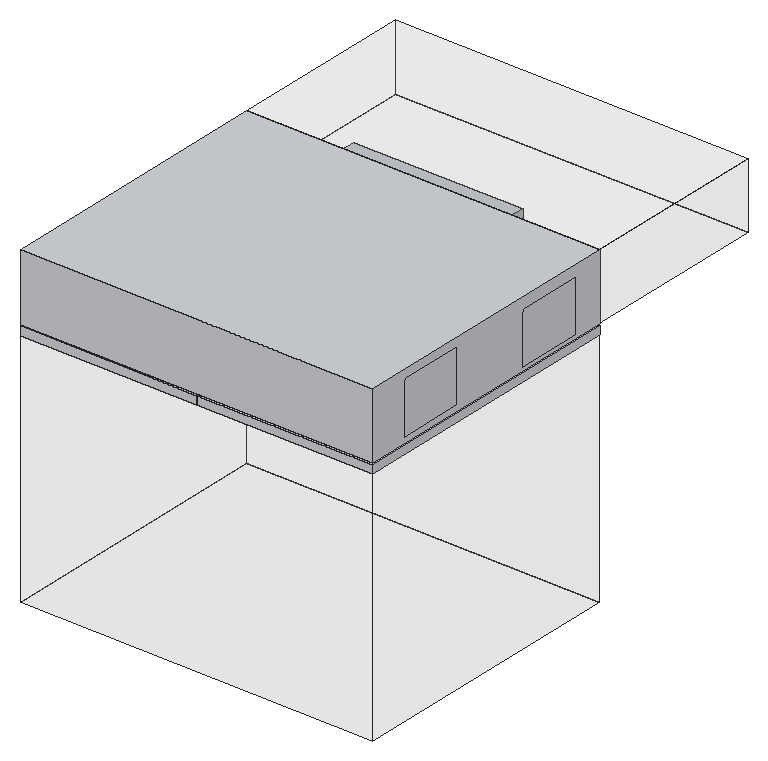
Revit family "AHU 3 _6", category Mechanické zařízení, Revit 2018
Family settings
  Kóta kulaté spojky = Použít průměr
  Typ dílu = Normální
  Číslo OmniClass = 23.75.00.00
  Nadpis OmniClass = Climate Control (HVAC)
  Založené na pracovní rovině = Ne
  Vždy vertikální = Ano
  Ořezat dutým tvarem při načtení = Ne
  Sdílené = Ne
  Bod výpočtu místnosti = Ne
Parameters (values of type "DUPLEXVENT Flexi (3G) DV650 (RD5)")
  Width [instance] = 1.1 mm
  Weight [instance] = 115.00 kg
  URL = ""
  Type [instance] = "DUPLEXVENT Flexi (3G) DV650 (RD5)"
  Total_SFP [instance] = 0
  Supply_outlet_hum [instance] = 27.8
  Supply_inlet_hum [instance] = 90
  Supply_ext_pressure [instance] = 100.0 Pa
  Supply_SFP [instance] = 0
  Source_adu_file [instance] = "C:\\\\Users\\\\dgavril\\\\OneDrive - Airflow Developments Ltd\\\\Desktop\\\\adu durley chine V4.adu"
  Recuperation_type [instance] = "Plate heat recovery exchanger"
  Recuperation_efficiency_EN308 [instance] = 75.8
  Project_name [instance] = "Durley Chine Passivhaus"
  Project_date [instance] = "13-08-2021"
  Power_supply_fusing [instance] = "0"
  Power_supply_cable [instance] = "0"
  Position [instance] = "AHU 3 "
  Phases_count [instance] = 1
  Panel_thickness [instance] = 0.06 mm
  Outer_surface [instance] = "RAL 9002"
  Length [instance] = 1.37 mm
  Insulation_type [instance] = "PUR"
  Insulation_thickness [instance] = 0.05 mm
  Installation_environment [instance] = ""
  Input_power_max [instance] = 340 W
  Inner_surface [instance] = "Pozink"
  I2 [instance] = I1  # 0.0 L/s
  Height [instance] = 0.298 mm
  Exhaust_outlet_hum [instance] = 97.1
  Exhaust_inlet_hum [instance] = 40
  Exhaust_ext_pressure [instance] = 100.0 Pa
  Exhaust_SFP [instance] = 0
  E1 [instance] = E2 - M1  # 0.0 L/s
  E2 [instance] = 0.0 L/s
  I1 [instance] = 0.0 L/s
  Description = ""
  M1 [instance] = 0.0 L/s
  Device_dutypoint_version [instance] = "3"
  Device_design_version [instance] = "14"
  Device_adu_id [instance] = "6"
  Current_max [instance] = 2.8 A
  Casing_mat [instance] = "painted zinc layer"
  Cable type [instance] = "CYKY 5Jx2,5"
Reference planes
  plane 1 "Střed (vpředu/vzadu)": y = 0
  plane 2 "ref": z = 0
  plane 3 "Střed (vlevo/vpravo)": x = 0
Forms (mm)
  Sweep 1, solid
    path origin (0, 0, -260) x (0, 0, 1) y (1, 0, 0)
      loop
        line (0, 0) -> (260, 0)
    profile origin (0, 0, -260) x (1, 0, 0) y (0, 1, 0)
      loop
        line (0, 0) -> (1370, 0) -> (1370, 1100) -> (0, 1100) -> (0, 0)
  Sweep 2, solid
    path origin (1369, 277, -135) x (1, 0, 0) y (0, 1, 0)
      loop
        line (0, 0) -> (1, 0)
    profile origin (1369, 277, -135) x (0, 1, 0) y (0, 0, 1)
      loop
        line (125, 100) -> (-125, 100) -> (-125, -100) -> (125, -100) -> (125, 100)
  Sweep 3, solid
    path origin (1, 853, -145) x (0, 1, 0) y (-1, 0, 0)
      loop
        line (0, 0) -> (0, 1)
    profile origin (1, 853, -145) x (0, -1, 0) y (0, 0, 1)
      loop
        line (-125, 100) -> (-125, -100) -> (125, -100) -> (125, 100) -> (-125, 100)
  Sweep 4, solid
    path origin (1, 277, -135) x (0, 1, 0) y (-1, 0, 0)
      loop
        line (0, 0) -> (0, 1)
    profile origin (1, 277, -135) x (0, -1, 0) y (0, 0, 1)
      loop
        line (-125, 100) -> (-125, -100) -> (125, -100) -> (125, 100) -> (-125, 100)
  Sweep 5, solid
    path origin (1369, 853, -145) x (1, 0, 0) y (0, 1, 0)
      loop
        line (0, 0) -> (1, 0)
    profile origin (1369, 853, -145) x (0, 1, 0) y (0, 0, 1)
      loop
        line (125, 100) -> (-125, 100) -> (-125, -100) -> (125, -100) -> (125, 100)
  Sweep 6, solid
    path origin (1305, 1100, -280) x (0, 1, 0) y (-1, 0, 0)
      loop
        line (0, 0) -> (30, 0)
    profile origin (1305, 1100, -280) x (-1, 0, 0) y (0, 0, 1)
      loop
        circle (0, 0) r 16
  Sweep 7, solid, material "Servisní prostor"
    path origin (0, 0, -1228) x (0, 0, 1) y (1, 0, 0)
      loop
        line (0, 0) -> (930, 0)
    profile origin (0, 0, -1228) x (1, 0, 0) y (0, 1, 0)
      loop
        line (0, 0) -> (1370, 0) -> (1370, 1100) -> (0, 1100) -> (0, 0)
  Sweep 8, solid, material "Servisní prostor"
    path origin (0, 0, -260) x (0, 0, 1) y (1, 0, 0)
      loop
        line (0, 0) -> (260, 0)
    profile origin (0, 0, -260) x (1, 0, 0) y (0, 1, 0)
      loop
        line (0, 1820) -> (0, 1100) -> (1370, 1100) -> (1370, 1820) -> (0, 1820)
  Sweep 9, solid
    path origin (0, 0, -298) x (0, 0, 1) y (1, 0, 0)
      loop
        line (0, 0) -> (33, 0)
    profile origin (0, 0, -298) x (1, 0, 0) y (0, 1, 0)
      loop
        line (0, 1100) -> (0, 0) -> (685, 0) -> (685, 1100) -> (0, 1100)
  Sweep 10, solid
    path origin (0, 0, -298) x (0, 0, 1) y (1, 0, 0)
      loop
        line (0, 0) -> (33, 0)
    profile origin (0, 0, -298) x (1, 0, 0) y (0, 1, 0)
      loop
        line (685, 1100) -> (685, 0) -> (1370, 0) -> (1370, 1100) -> (685, 1100)
  Sweep 11, solid
    path origin (0, 0, -243) x (0, 0, 1) y (1, 0, 0)
      loop
        line (0, 0) -> (190, 0)
    profile origin (0, 0, -243) x (1, 0, 0) y (0, 1, 0)
      loop
        line (315, 1100) -> (970, 1100) -> (970, 1225) -> (315, 1225) -> (315, 1100)
  Sweep 12, solid
    path origin (315, 1163, -148) x (0, 0, -1) y (1, 0, 0)
      loop
        line (0, 0) -> (0, -1)
    profile origin (315, 1163, -148) x (0, 0, -1) y (0, -1, 0)
      loop
        circle (0, 0) r 10
Lines and regions (mm)
  model lines, style "Symbol"
    curve 1: line (620, 0, 0) -> (620, 220, 0)
    curve 2: line (620, 1100, 0) -> (620, 880, 0)
    curve 3: line (0, 550, 0) -> (290, 550, 0)
    curve 4: line (1370, 550, 0) -> (950, 550, 0)
    curve 5: line (290, 550, 0) -> (455, 880, 0)
    curve 6: line (455, 880, 0) -> (785, 880, 0)
    curve 7: line (785, 880, 0) -> (950, 550, 0)
    curve 8: line (950, 550, 0) -> (785, 220, 0)
    curve 9: line (785, 220, 0) -> (620, 220, 0)
    curve 10: line (620, 220, 0) -> (455, 220, 0)
    curve 11: line (455, 220, 0) -> (290, 550, 0)
    curve 12: line (242, 747, 0) -> (66, 777, 0)
    curve 13: line (242, 903, 0) -> (66, 873, 0)
    curve 14: line (1128, 903, 0) -> (1304, 873, 0)
    curve 15: line (1128, 747, 0) -> (1304, 777, 0)
    curve 16: line (1247, 440, 0) -> (1247, 110, 0)
    curve 17: line (1247, 110, 0) -> (1165, 110, 0)
    curve 18: line (1165, 110, 0) -> (1165, 440, 0)
    curve 19: line (1165, 440, 0) -> (1247, 440, 0)
    curve 20: line (1206, 440, 0) -> (1165, 275, 0)
    curve 21: line (1206, 110, 0) -> (1165, 275, 0)
    curve 22: line (123, 110, 0) -> (123, 440, 0)
    curve 23: line (123, 440, 0) -> (205, 440, 0)
    curve 24: line (205, 440, 0) -> (205, 110, 0)
    curve 25: line (205, 110, 0) -> (123, 110, 0)
    curve 26: line (164, 110, 0) -> (205, 275, 0)
    curve 27: line (164, 440, 0) -> (205, 275, 0)
    curve 28: line (796, 217, 0) -> (945, 512, 0)
    curve 29: line (945, 512, 0) -> (994, 487, 0)
    curve 30: line (994, 487, 0) -> (845, 192, 0)
    curve 31: line (845, 192, 0) -> (796, 217, 0)
    curve 32: line (895, 401, 0) -> (955, 420, 0)
    curve 33: line (835, 284, 0) -> (895, 303, 0)
    curve 34: line (0, 1100, -298) -> (685, 1100, -298)
    curve 35: line (0, 0, -298) -> (685, 0, -298)
    curve 36: line (0, 1100, -298) -> (0, 0, -298)
    curve 37: line (685, 1100, -298) -> (685, 0, -298)
    curve 38: line (0, 1100, -298) -> (0, 1100, -265)
    curve 39: line (685, 1100, -298) -> (685, 1100, -265)
    curve 40: line (0, 0, -298) -> (0, 0, -265)
    curve 41: line (685, 0, -298) -> (685, 0, -265)
    curve 42: line (685, 1100, -298) -> (1370, 1100, -298)
    curve 43: line (685, 0, -298) -> (1370, 0, -298)
    curve 44: line (685, 1100, -298) -> (685, 0, -298)
    curve 45: line (1370, 1100, -298) -> (1370, 0, -298)
    curve 46: line (685, 1100, -298) -> (685, 1100, -265)
    curve 47: line (1370, 1100, -298) -> (1370, 1100, -265)
    curve 48: line (685, 0, -298) -> (685, 0, -265)
    curve 49: line (1370, 0, -298) -> (1370, 0, -265)
    curve 50: line (3, 1100, 0) -> (3, 1155, 0)
    curve 51: line (3, 1155, 0) -> (52, 1155, 0)
    curve 52: line (52, 1155, 0) -> (52, 1100, 0)
    curve 53: line (52, 1100, 0) -> (3, 1100, 0)
    curve 54: line (52, 1100, -150) -> (52, 1100, 0)
    curve 55: line (52, 1100, 0) -> (52, 1155, 0)
    curve 56: line (52, 1155, 0) -> (52, 1155, -150)
    curve 57: line (52, 1155, -150) -> (52, 1100, -150)
    curve 58: line (40, 1100, -150) -> (3, 1100, 0)
    curve 59: line (3, 1100, 0) -> (52, 1100, 0)
    curve 60: line (52, 1100, 0) -> (52, 1100, -150)
    curve 61: line (52, 1100, -150) -> (40, 1100, -150)
    curve 62: line (40, 1155, -150) -> (3, 1155, 0)
    curve 63: line (3, 1155, 0) -> (52, 1155, 0)
    curve 64: line (52, 1155, 0) -> (52, 1155, -150)
    curve 65: line (52, 1155, -150) -> (40, 1155, -150)
    curve 66: line (3, -55, 0) -> (3, 0, 0)
    curve 67: line (3, 0, 0) -> (52, 0, 0)
    curve 68: line (52, 0, 0) -> (52, -55, 0)
    curve 69: line (52, -55, 0) -> (3, -55, 0)
    curve 70: line (52, -55, -150) -> (52, -55, 0)
    curve 71: line (52, -55, 0) -> (52, 0, 0)
    curve 72: line (52, 0, 0) -> (52, 0, -150)
    curve 73: line (52, 0, -150) -> (52, -55, -150)
    curve 74: line (40, -55, -150) -> (3, -55, 0)
    curve 75: line (3, -55, 0) -> (52, -55, 0)
    curve 76: line (52, -55, 0) -> (52, -55, -150)
    curve 77: line (52, -55, -150) -> (40, -55, -150)
    curve 78: line (40, 0, -150) -> (3, 0, 0)
    curve 79: line (3, 0, 0) -> (52, 0, 0)
    curve 80: line (52, 0, 0) -> (52, 0, -150)
    curve 81: line (52, 0, -150) -> (40, 0, -150)
    curve 82: line (1367, 0, 0) -> (1367, -55, 0)
    curve 83: line (1367, -55, 0) -> (1317, -55, 0)
    curve 84: line (1317, -55, 0) -> (1317, 0, 0)
    curve 85: line (1317, 0, 0) -> (1367, 0, 0)
    curve 86: line (1317, 0, -150) -> (1317, 0, 0)
    curve 87: line (1317, 0, 0) -> (1317, -55, 0)
    curve 88: line (1317, -55, 0) -> (1317, -55, -150)
    curve 89: line (1317, -55, -150) -> (1317, 0, -150)
    curve 90: line (1330, 0, -150) -> (1367, 0, 0)
    curve 91: line (1367, 0, 0) -> (1317, 0, 0)
    curve 92: line (1317, 0, 0) -> (1317, 0, -150)
    curve 93: line (1317, 0, -150) -> (1330, 0, -150)
    curve 94: line (1330, -55, -150) -> (1367, -55, 0)
    curve 95: line (1367, -55, 0) -> (1317, -55, 0)
    curve 96: line (1317, -55, 0) -> (1317, -55, -150)
    curve 97: line (1317, -55, -150) -> (1330, -55, -150)
    curve 98: line (1367, 1155, 0) -> (1367, 1100, 0)
    curve 99: line (1367, 1100, 0) -> (1317, 1100, 0)
    curve 100: line (1317, 1100, 0) -> (1317, 1155, 0)
    curve 101: line (1317, 1155, 0) -> (1367, 1155, 0)
    curve 102: line (1317, 1155, -150) -> (1317, 1155, 0)
    curve 103: line (1317, 1155, 0) -> (1317, 1100, 0)
    curve 104: line (1317, 1100, 0) -> (1317, 1100, -150)
    curve 105: line (1317, 1100, -150) -> (1317, 1155, -150)
    curve 106: line (1330, 1155, -150) -> (1367, 1155, 0)
    curve 107: line (1367, 1155, 0) -> (1317, 1155, 0)
    curve 108: line (1317, 1155, 0) -> (1317, 1155, -150)
    curve 109: line (1317, 1155, -150) -> (1330, 1155, -150)
    curve 110: line (1330, 1100, -150) -> (1367, 1100, 0)
    curve 111: line (1367, 1100, 0) -> (1317, 1100, 0)
    curve 112: line (1317, 1100, 0) -> (1317, 1100, -150)
    curve 113: line (1317, 1100, -150) -> (1330, 1100, -150)
    curve 114: circle (165, 825, 0) r 110 normal (0, 0, 1)
    curve 115: circle (1205, 825, 0) r 110 normal (0, 0, 1)
    curve 116: circle (925, 411, 0) r 8 normal (0, 0, 1)
    curve 117: circle (865, 293, 0) r 8 normal (0, 0, 1)
    curve 118: circle (28, 1127, 0) r 5 normal (0, 0, 1)
    curve 119: circle (28, -28, 0) r 5 normal (0, 0, 1)
    curve 120: circle (1343, -28, 0) r 5 normal (0, 0, 1)
    curve 121: circle (1343, 1127, 0) r 5 normal (0, 0, 1)
Dimensions and locks
  aligned and locked: level to plane 2 "ref"
Connectors
  hvac at (1370, 277, -135), driven by "E1"
    settings: on Sweep 2, index 1, duct flow 0.0 L/s, flow factor 0, pres drop 0.0 Pa, loss coef 0, conn angle 0.00°, conn width 250 mm, conn height 200 mm, conn diameter 609.6 mm, duct sys type 1, conn prof type 1, flow config 1, flow direction 1, loss method 0, conn ref index -1, conn util no, is conn primary yes, conn desc ""
  hvac at (0, 853, -145), driven by "E2"
    settings: on Sweep 3, index 2, duct flow 0.0 L/s, flow factor 1, pres drop 0.0 Pa, loss coef 0, conn angle 0.00°, conn width 250 mm, conn height 200 mm, conn diameter 609.6 mm, duct sys type 1, conn prof type 1, flow config 2, flow direction 2, loss method 0, conn ref index -1, conn util no, is conn primary no, conn desc ""
  hvac at (0, 277, -135), driven by "I1"
    settings: on Sweep 4, index 3, duct flow 0.0 L/s, flow factor 1, pres drop 0.0 Pa, loss coef 0, conn angle 0.00°, conn width 250 mm, conn height 200 mm, conn diameter 609.6 mm, duct sys type 3, conn prof type 1, flow config 2, flow direction 1, loss method 0, conn ref index -1, conn util no, is conn primary no, conn desc ""
  hvac at (1370, 853, -145), driven by "I2"
    settings: on Sweep 5, index 4, duct flow 0.0 L/s, flow factor 0, pres drop 0.0 Pa, loss coef 0, conn angle 0.00°, conn width 250 mm, conn height 200 mm, conn diameter 609.6 mm, duct sys type 3, conn prof type 1, flow config 1, flow direction 2, loss method 0, conn ref index -1, conn util no, is conn primary no, conn desc ""
  piping at (1305, 1130, -280), diameter 22
    settings: on Sweep 6, index 5, connector inside diameter 609.6 mm, connector length 0 mm, flow factor 0, pipe flow 0.0 L/s, pressure drop 0.0 Pa, fitting loss kfactor 0, connector angle 0.00°, fixture units 0, engagement length 0 mm, angle of deflection 0.00°, flow configuration 1, flow direction 2, fitting loss method 0, system type 16, joint type 0, gender type 0, connector reference index -1, connector utility 0, adjustable connector no, is connector primary yes, connector description ""
  electrical at (314, 1163, -148)
    settings: on Sweep 12, index 6, voltage 230 V, apparent load 0 VA, apparent load phase1 0 VA, apparent load phase2 0 VA, apparent load phase3 0 VA, power factor 1, load classification "Další", number of poles 1, system type 31, power factor state 1, is connector primary yes, connector utility no, sub classification motor no, connector description ""
